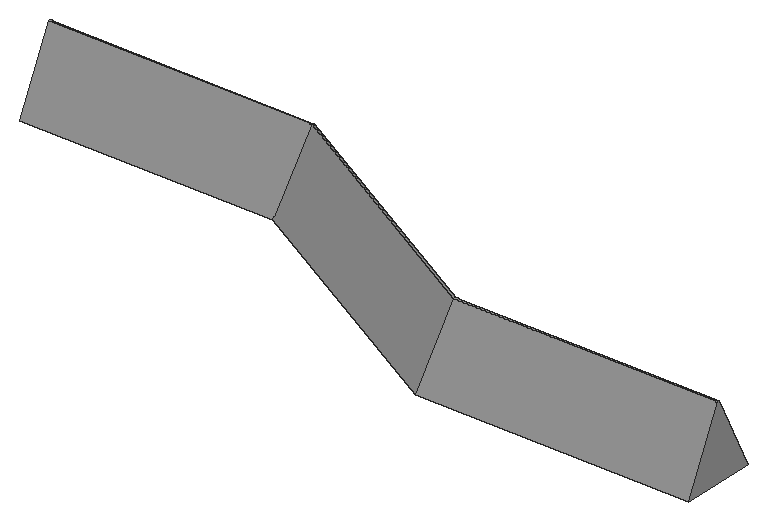
Revit family "Armeret_BetonZig-Zag_75mm_p_i_t_1131120", category Generic Models, Revit 2019
Family settings
  Can host rebar = No
  Round Connector Dimension = Use Diameter
  Part Type = Normal
  Work Plane-Based = Yes
  Always vertical = No
  Cut with Voids When Loaded = No
  Shared = No
  Room Calculation Point = No
Parameters (values of type "75 mm")
  concrete = Concrete
  Website Link = "https://haucon.dk/produkt/armeret-beton-zig-zag/#variations"
  Total Length = 800 mm
  Technical Data Sheet = "https://haucon.dk/wp-content/uploads/2016/04/1131090-Beton-zig-zag-TDS-DK.pdf"
  Default Elevation = 1219.2 mm
  Armerment width = 75 mm
  Armerment Height = Armerment width  # 75 mm
Types (13, lengths in mm): name | Armerment width | Armerment Height
  35 mm | 35 | 35
  55 mm | 55 | 55
  40 mm | 40 | 40
  45 mm | 45 | 45
  50 mm | 50 | 50
  60 mm | 60 | 60
  25 mm | 25 | 25
  30 mm | 30 | 30
  70 mm | 70 | 70
  75 mm | 75 | 75
  80 mm | 80 | 80
  90 mm | 90 | 90
  100 mm | 100 | 100
Reference planes
  plane 1 "Center (Front/Back)": y = 0
  plane 2: z = 0
  plane 3 "Center (Left/Right)": x = 0
  plane 4: y = 37.5
  plane 5: y = -37.5
  plane 6: z = 75
  plane 7: x = 266.667
  plane 8: x = 533.333
  plane 9: x = 800
Forms (mm)
  Sweep 1, solid, material "Concrete" <- "concrete"
    path origin (135, 0, 0) x (1, 0, 0) y (0, 1, 0)
      loop
        line (-135, 0) -> (132.554, 0) -> (397.446, -149.776) -> (665, -149.776)
    profile origin (133.777, 0, 0) x (0, 1, 0) y (0, 0, 1)
      loop
        line (37.5, 0) -> (0.856, 74.544)
        arc (0.856, 74.544) -> (0, 74.98) -> (-0.856, 74.544) r 1.059
        line (-0.856, 74.544) -> (-37.5, 0) -> (37.5, 0)
Dimensions and locks
  equal spacing: plane 4, plane 1 "Center (Front/Back)", plane 5
  "Armerment width": plane 4 to plane 5
  "Armerment Height": level to plane 6
  "Total Length": plane 3 "Center (Left/Right)" to plane 9
  equal spacing: plane 3 "Center (Left/Right)", plane 7, plane 8, plane 9
  aligned and locked: level to plane 2
  aligned and locked: level to Sweep 1 sketch curve
  aligned and locked: plane 3 "Center (Left/Right)" to Sweep 1
  aligned and locked: plane 9 to Sweep 1 sketch curve
Automatic sketch dimensions
  plane 1 "Center (Front/Back)" to Sweep 1 sketch curve = 0 mm
  Sweep 1 sketch curve to plane 3 "Center (Left/Right)" = 0 mm
  Sweep 1 sketch curve to plane 7 = 0.887 mm
  plane 8 to Sweep 1 sketch curve = 0.887 mm
  plane 1 "Center (Front/Back)" to Sweep 1 sketch curve = 149.776 mm
  Sweep 1 sketch curve to plane 5 = 0 mm
  Sweep 1 sketch curve to profile plane = 0 mm
  Sweep 1 sketch curve to plane 4 = 0 mm
  plane 6 to Sweep 1 sketch curve = 0.456 mm  (x2)
  profile plane to Sweep 1 sketch curve = 0.856 mm
  Sweep 1 sketch curve to Sweep 1 sketch curve = 0.623 mm
